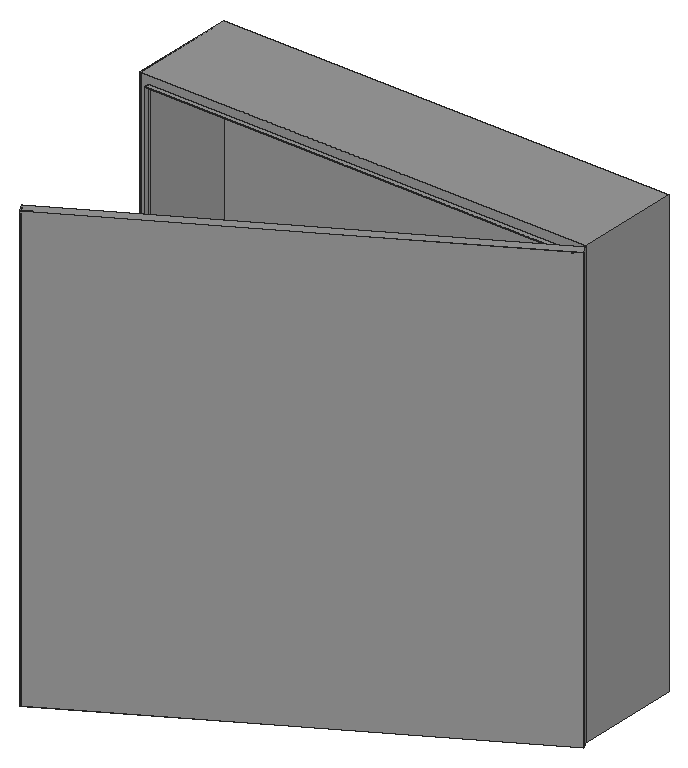
Revit family "Hager-Univers-IP44-D205-H800-Cl.II-Encl-NoHosted-DE-de", category Equipement électrique, Revit 2020
Family settings
  Configuration du panneau = Deux colonnes, circuits au sein
  Cote de connecteur circulaire = Utiliser le diamètre
  Type d'élément = Tableau de raccordement
  Basée sur le plan de construction = Oui
  Toujours verticalement = Oui
  Couper avec des vides une fois chargée = Non
  Partagée = Non
  Point de calcul de pièce = Non
Parameters (values of type "Aufputz IP44 B800 H800 T205  - FP53SN2")
  Width Control [instance] = if([EF000008 - Breite] > Min Width, [EF000008 - Breite], Min Width)  # 800 mm
  Commentaires du type = [HG000003 - Bereich]  # "Univers"
  Thickness Door [instance] = if([EF009171 - Materialstärke Tür/Deckel] > 3 mm, 3 mm, [EF009171 - Materialstärke Tür/Deckel])  # 1 mm
  Seal Frame Offset [instance] = 17 mm  # constant formula
  Plinth Visibility [instance] = [HG000027 - Sockelhöhe] > 0 mm  # no
  Min Width [instance] = 100 mm  # constant formula
  Min Depth [instance] = (2 * [EF009170 - Materialstärke Gehäuse]) + 1 mm  # 3 mm
  Min Height [instance] = 100 mm  # constant formula
  Internal Frame Depth [instance] = (Door System Depth * 0.5)  # 9 mm
  Panel Name [instance] = ""  # (empty or 0)
  Model = ""
  HG000027 - Sockelhöhe = 0 mm
  HG000026 - Stehend auf dem Boden = no
  HG000024 - Höhe des unteren Teils = 600 mm
  HG000023 - Gehäuse mit doppeltem Querschnitt = no
  HG000016 - 3D-Türsichtbarkeit [instance] = yes
  HG000015 - Sichtbarkeit der Türöffnung [instance] = no
  HG000014 - Tür rechts [instance] = yes
  HG000013 - Tür links [instance] = not([HG000014 - Tür rechts])  # no
  HG000012 - Türschwenkwinkel [instance] = 30.00°
  HG000010 - Asymmetrische Türen = no
  HG000009 - Doppelflügeligen Tür = no
  HG000006 - Unterputz = no
  HG000004 - Herstellerreferenz = "FP53SN2"
  HG000003 - Bereich = "Univers"
  HG000002 - Mit tür = yes
  Frame Offset Bottom [instance] = 10 mm  # constant formula
  Frame Offset [instance] = 15 mm  # constant formula
  EF015940 - Deckel mit Überdruckentlastung = no
  EF011959 - Schutzart (NEMA) = ""
  EF009554 - Anzahl der Öffnungen für Flanschplatten = 6
  EF009212 - Ausführung Deckel = "EV000116 - geschlossen"
  EF009171 - Materialstärke Tür/Deckel = 1 mm
  EF009170 - Materialstärke Gehäuse = 1 mm
  EF008873 - Nennstrom (In) = 250 A
  EF007800 - Geeignet für Blitzschutz = no
  EF006306 - Mit Schloss = no
  EF006244 - Transparenter Deckel/Tür = no
  EF005474 - Schutzart (IP) = "EV006418 - IP44"
  EF004464 - Art der Tür = "EV002646 - Einzel"
  EF004427 - Anzahl der Module = 180
  EF004293 - Schlagfestigkeit = "EV006815 - IK09"
  EF003532 - Geeignet für Außengebrauch = no
  EF002950 - Breite in Teilungseinheiten = 36
  EF001613 - Funktionserhalt = "EV000494 - ohne"
  EF001596 - Werkstoff des Gehäuses = "EV000179 - Stahl"
  EF001131 - Innentiefe = 130 mm
  EF001088 - Anbaumöglichkeit = yes
  EF000437 - Anzahl der Leitungseinführungen = 6
  EF000339 - Art der Abdeckung = "EV004216 - Tür"
  EF000266 - Anzahl der Reihen = 5
  EF000218 - Einbautiefe = 205 mm
  EF000118 - Mit Montageplatte = no
  EF000116 - RAL-Nummer = "9010"
  EF000049 - Tiefe = 205 mm
  EF000040 - Höhe = 800 mm
  EF000008 - Breite = 800 mm
  EF000007 - Farbe = "EV000202 - weiß"
  EF000003 - Montageart = "EV000384 - Aufputz"
  Door System Leaf Tolerance [instance] = 1.5 mm  # constant formula
  Door System Depth [instance] = 18 mm  # constant formula
  Door Height [instance] = Height Control - [HG000027 - Sockelhöhe]  # 800 mm
  Description = ""
  Default Elevation = 1219.2 mm
  Connector Offset [instance] = Height Control / 2  # 400 mm
  Fabricant = "Hager"  # constant formula
  Height Control [instance] = if([EF000040 - Höhe] > Min Height, [EF000040 - Höhe], Min Height)  # 800 mm
  Depth Control [instance] = if([EF000049 - Tiefe] > Min Depth, [EF000049 - Tiefe], Min Depth)  # 205 mm
  Bottom Top Plate Trim [instance] = 1.5 mm  # constant formula
  Plinth height Ctrl [instance] = if([HG000027 - Sockelhöhe] > 0 mm, [HG000027 - Sockelhöhe], 12 mm)  # 12 mm
Types (5, lengths in mm): name | Width Control | HG000010 - Asymmetrische Türen | HG000009 - Doppelflügeligen Tür | HG000004 - Herstellerreferenz | EF009554 - Anzahl der Öffnungen für Flanschplatten | EF004464 - Art der Tür | EF004427 - Anzahl der Module | EF002950 - Breite in Teilungseinheiten | EF000437 - Anzahl der Leitungseinführungen | EF000339 - Art der Abdeckung | EF000008 - Breite
  Aufputz IP44 B1050 H800 T205  - FP54SN2 | 1050 | no | yes | "FP54SN2" | 8 | "EV003602 - Doppel" | 240 | 48 | 8 | "EV004216 - Tür" | 1050
  Aufputz IP44 B1300 H800 T205  - FP55SN2 | 1300 | yes | yes | "FP55SN2" | 10 | "EV003602 - Doppel" | 300 | 60 | 10 | "EV004216 - Tür" | 1300
  Aufputz IP44 B300 H800 T205  - FP51SN2 | 300 | no | no | "FP51SN2" | 2 | "EV002646 - Einzel" | 60 | 12 | 2 | "EV001012 - Deckel" | 300
  Aufputz IP44 B550 H800 T205  - FP52SN2 | 550 | no | no | "FP52SN2" | 4 | "EV002646 - Einzel" | 120 | 24 | 4 | "EV001012 - Deckel" | 550
  Aufputz IP44 B800 H800 T205  - FP53SN2 | 800 | no | no | "FP53SN2" | 6 | "EV002646 - Einzel" | 180 | 36 | 6 | "EV004216 - Tür" | 800
Reference planes
  plane 1 "Center (Front/Back)": y = 0
  plane 2: z = 0
  plane 3 "Center (Left/Right)": x = 0
  plane 4: y = 0
  plane 5: y = 0
  plane 6: z = 0
  plane 7: x = -400
  plane 8: x = 400
  plane 9: x = 399
  plane 10: x = -399
  plane 11: z = 0
  plane 12: z = 1
  plane 13: y = -205
  plane 14: y = -1
  plane 15: x = 0
  plane 16: y = -187
  plane 17: y = -204
  plane 18: y = -186
  plane 19: x = -384
  plane 20: x = 384
  plane 21: z = 11
  plane 22: x = -383
  plane 23: x = 383
  plane 24: z = 0
  plane 25: z = 800
  plane 26: z = 800
  plane 27: z = 784
  plane 28: z = 799
Forms (mm)
  Extrusion 1, solid, material "Hager_Steel_RAL7035_Light_Grey", detail levels medium+fine
    sketch origin (-208.679, -4572, 0) x (-1, 0, 0) y (0, -1, 0)
      loop
        line (191.321, -4385) -> (-608.679, -4385) -> (-608.679, -4572) -> (191.321, -4572) -> (191.321, -4385)
    from 0 to 800
  Extrusion 2, void
    sketch origin (-350.771, -205, 1219.2) x (1, 0, 0) y (0, 0, 1)
      loop
        line (-48.229, -420.2) -> (-48.229, -1218.2) -> (749.771, -1218.2) -> (749.771, -420.2) -> (-48.229, -420.2)
    from -19 to -204
  Extrusion 3, void
    sketch origin (-290.084, -187, 1219.2) x (1, 0, 0) y (0, 0, 1)
      loop
        line (-93.916, -1208.2) -> (674.084, -1208.2) -> (674.084, -435.2) -> (-93.916, -435.2) -> (-93.916, -1208.2)
    from 0 to -1
  Extrusion 4, solid, material "Hager_Steel_RAL7035_Light_Grey", visible <- "Plinth Visibility", detail levels medium+fine
    sketch origin (0, 0, 0) x (1, 0, 0) y (0, 1, 0)
      loop
        line (-400, 0) -> (-400, -187) -> (400, -187) -> (400, 0) -> (-400, 0)
    from 0 to 12 <- "Plinth height Ctrl"
  Extrusion 5, solid, material "Hager_Steel_RAL7035_Light_Grey", detail levels coarse
    sketch origin (0, 0, 0) x (1, 0, 0) y (0, 1, 0)
      loop
        line (-400, 0) -> (-400, -205) -> (400, -205) -> (400, 0) -> (-400, 0)
    from 0 to 800 <- "Height Control"
  Sweep 6, void
    path in 3D
      loop
        line (-400, -187, 12) -> (400, -187, 12) -> (400, 0, 12) -> (-400, 0, 12) -> (-400, -187, 12)
    profile origin (-400, -93.5, 12) x (1, 0, 0) y (0, 0, 1)
      loop
        line (0, 0) -> (0, -1.5) -> (1.5, -1.5)
        arc (1.5, -1.5) -> (1.061, -0.439) -> (0, 0) r 1.5
  Extrusion 7, solid, material "Hager_Steel_RAL7035_Light_Grey", detail levels fine
    sketch origin (-400, -187, 0) x (1, 0, 0) y (0, 0, 1)
      loop
        line (16, 11) -> (784, 11) -> (784, 784) -> (16, 784) -> (16, 11)
      loop
        line (15, 10) -> (785, 10) -> (785, 785) -> (15, 785) -> (15, 10)
    from 0 to 9 <- "Internal Frame Depth"
Cuts and joins
  Extrusion 2, Extrusion 3 cuts Extrusion 1
  Sweep 6 cuts Extrusion 4
Lines and regions (mm)
  Masking region 1
    outline origin (0, 0, 0) x (1, 0, 0) y (0, 1, 0)
      loop
        line (-400, 0) -> (-400, -205) -> (400, -205) -> (400, 0) -> (-400, 0)
  Masking region 2, detail levels coarse
    outline origin (-290.084, -187, 1219.2) x (-1, 0, 0) y (0, 0, 1)
      loop
        line (-690.084, -1219.2) -> (109.916, -1219.2) -> (109.916, -419.2) -> (-690.084, -419.2) -> (-690.084, -1219.2)
  Masking region 3, detail levels coarse
    outline origin (0, 0, 0) x (0, 1, 0) y (0, 0, 1)
      loop
        line (0, 0) -> (0, 800) -> (-205, 800) -> (-205, 0) -> (0, 0)
  Masking region 4, visible <- "Plinth Visibility", detail levels medium+fine
    outline origin (0, 0, 0) x (0, 1, 0) y (0, 0, 1)
      loop
        line (-1.5, 12) -> (-185.5, 12)
        arc (-185.5, 12) -> (-185.939, 10.939) -> (-187, 10.5) r 1.5
        line (-187, 10.5) -> (-187, 0) -> (0, 0) -> (0, 10.5)
        arc (0, 10.5) -> (-1.061, 10.939) -> (-1.5, 12) r 1.5
  Masking region 5, detail levels medium+fine
    outline origin (0, 0, 594.038) x (0, 1, 0) y (0, 0, 1)
      loop
        line (0, -594.038) -> (0, 205.962) -> (-187, 205.962) -> (-187, -594.038) -> (0, -594.038)
  Masking region 6, detail levels medium+fine
    outline origin (-359.7, -187, 1211.883) x (-1, 0, 0) y (0, 0, 1)
      loop
        line (-759.7, -1211.883) -> (40.3, -1211.883) -> (40.3, -411.883) -> (-759.7, -411.883) -> (-759.7, -1211.883)
  Masking region 7, visible <- "Plinth Visibility", detail levels medium+fine
    outline origin (-320.334, -187, 1041.368) x (-1, 0, 0) y (0, 0, 1)
      loop
        line (-720.334, -1041.368) -> (79.666, -1041.368) -> (79.666, -1030.868)
        arc (79.666, -1030.868) -> (78.606, -1030.429) -> (78.166, -1029.368) r 1.5
        line (78.166, -1029.368) -> (-718.834, -1029.368)
        arc (-718.834, -1029.368) -> (-719.273, -1030.429) -> (-720.334, -1030.868) r 1.5
        line (-720.334, -1030.868) -> (-720.334, -1041.368)
  sketch lines
    curve 1: line (-400, 0, 12) -> (-400, -187, 12)
    curve 2: line (-400, -187, 12) -> (400, -187, 12)
    curve 3: line (400, 0, 12) -> (-400, 0, 12)
    curve 4: line (400, -187, 12) -> (400, 0, 12)
Dimensions and locks
  locked: plane 1 "Center (Front/Back)" to plane 5
  "EF009170 - Materialstärke Gehäuse": plane 7 to plane 10
  "EF009170 - Materialstärke Gehäuse": plane 8 to plane 9
  equal spacing: plane 7, plane 3 "Center (Left/Right)", plane 8
  "Width Control": plane 7 to plane 8
  "Depth Control": plane 4 to plane 13
  "EF009170 - Materialstärke Gehäuse": plane 4 to plane 14
  "Height Control": plane 25 to level
  "HG000027 - Sockelhöhe": plane 11 to level
  "EF009170 - Materialstärke Gehäuse": plane 12 to plane 11
  "EF009170 - Materialstärke Gehäuse": plane 17 to plane 13
  "EF009170 - Materialstärke Gehäuse": plane 18 to plane 16
  "Frame Offset Bottom": plane 21 to plane 12
  "Frame Offset": plane 10 to plane 19
  "Frame Offset": plane 9 to plane 20
  "Door System Depth": plane 16 to plane 13
  "Seal Frame Offset": plane 7 to plane 22
  "Seal Frame Offset": plane 8 to plane 23
  "EF009170 - Materialstärke Gehäuse": plane 26 to plane 28
  "Frame Offset": plane 28 to plane 27
  "Connector Offset": plane 2 to connector elem
  "Bottom Top Plate Trim": profile plane to Sweep 6 sketch curve
  "Bottom Top Plate Trim": Sweep 6 sketch curve to Sweep 6 sketch curve
  "Plinth height Ctrl": Masking region 4 sketch curve to level
  "Plinth height Ctrl": Masking region 7 sketch curve to level
  "Thickness Door": Extrusion 7 sketch curve to Extrusion 7 sketch curve  (x4)
  "Bottom Top Plate Trim": radius of Sweep 6 sketch curve
  "Bottom Top Plate Trim": radius of Masking region 4 sketch curve  (x2)
  "Bottom Top Plate Trim": radius of Masking region 7 sketch curve  (x2)
  aligned and locked: Extrusion 2 sketch curve to plane 12
  aligned and locked: Extrusion 2 sketch curve to plane 9
  aligned and locked: Extrusion 2 sketch curve to plane 10
  aligned and locked: Extrusion 2 to plane 14
  aligned and locked: Extrusion 1 sketch curve to plane 4
  aligned and locked: plane 8 to Extrusion 1 sketch curve
  aligned and locked: plane 7 to Extrusion 1 sketch curve
  aligned and locked: Extrusion 2 to plane 18
  aligned and locked: Extrusion 3 sketch curve to plane 19
  aligned and locked: plane 20 to Extrusion 3 sketch curve
  aligned and locked: Extrusion 3 to Extrusion 2
  aligned and locked: Extrusion 3 sketch curve to plane 21
  aligned and locked: plane 3 "Center (Left/Right)" to nested 1
  aligned and locked: Extrusion 1 sketch curve to plane 16
  aligned and locked: Extrusion 4 sketch curve to cut or joined group of Extrusion 1, Extrusion 2, Extrusion 3
  aligned and locked: Masking region 1 sketch curve to plane 7
  aligned and locked: Masking region 1 sketch curve to plane 5
  aligned and locked: Masking region 1 sketch curve to plane 8
  aligned and locked: Masking region 2 sketch curve to level
  aligned and locked: level to Masking region 3 sketch curve
  aligned and locked: plane 1 "Center (Front/Back)" to Masking region 3 sketch curve
  aligned and locked: plane 13 to Masking region 3 sketch curve
  aligned and locked: plane 5 to Masking region 4 sketch curve
  aligned and locked: Masking region 2 sketch curve to plane 8
  aligned and locked: Masking region 2 sketch curve to plane 7
  aligned and locked: plane 7 to nested 2
  aligned and locked: nested 2 to plane 5
  aligned and locked: plane 5 to Masking region 5 sketch curve
  aligned and locked: plane 26 to Masking region 5 sketch curve
  aligned and locked: Extrusion 5 sketch curve to plane 8
  aligned and locked: Extrusion 5 sketch curve to plane 7
  aligned and locked: Extrusion 5 sketch curve to plane 5
  aligned and locked: Extrusion 3 sketch curve to plane 27
  aligned and locked: Extrusion 2 sketch curve to plane 28
  aligned and locked: Masking region 2 to plane 25
  aligned and locked: Extrusion 4 to plane 16
  aligned and locked: profile plane to Sweep 6 sketch curve
  aligned and locked: Masking region 5 sketch curve to plane 24
  aligned and locked: level to Masking region 4 sketch curve
  aligned and locked: Masking region 1 to plane 13
  aligned and locked: nested 1 to plane 16
  aligned and locked: Masking region 3 to plane 25
  aligned and locked: plane 16 to Masking region 4 sketch curve
  aligned and locked: Masking region 5 sketch curve to plane 16
  aligned and locked: plane 24 to plane 11
  aligned and locked: plane 26 to plane 25
  aligned and locked: plane 26 to cut or joined group of Extrusion 1, Extrusion 2, Extrusion 3
  aligned and locked: nested 1 to plane 24
  aligned and locked: Extrusion 1 to Extrusion 3
  aligned and locked: Masking region 6 sketch curve to plane 8
  aligned and locked: Masking region 6 sketch curve to plane 24
  aligned and locked: Masking region 6 sketch curve to plane 7
  aligned and locked: Masking region 6 sketch curve to plane 26
  aligned and locked: Masking region 7 sketch curve to plane 7
  aligned and locked: level to Masking region 7 sketch curve
  aligned and locked: Masking region 7 sketch curve to plane 8
  aligned and locked: Extrusion 7 sketch curve to cut or joined group of Extrusion 1, Extrusion 2, Extrusion 3  (x4)
Automatic sketch dimensions
  plane 19 to Extrusion 3 sketch curve = 0 mm
  Extrusion 3 sketch curve to plane 20 = 0 mm
  Extrusion 3 sketch curve to plane 21 = 0 mm
  Extrusion 4 sketch curve to plane 7 = 0 mm
  Extrusion 4 sketch curve to plane 8 = 0 mm
  Extrusion 4 sketch curve to plane 16 = 0 mm
  Masking region 1 sketch curve to plane 13 = 0 mm
  Masking region 2 sketch curve to plane 25 = 0 mm
  Masking region 3 sketch curve to plane 25 = 0 mm
  Extrusion 5 sketch curve to plane 13 = 0 mm
  profile plane to Sweep 6 sketch curve = 0 mm
Nested families
  nested 1: "EC000058_Univers_Door" at (0, -187, 0), Double <- "HG000009 - Doppelflügeligen Tür", Transparent <- "EF006244 - Transparenter Deckel/Tür", Angle <- "HG000012 - Türschwenkwinkel", Door_Right <- "HG000014 - Tür rechts", Assymetrical <- "HG000010 - Asymmetrische Türen", Door <- "HG000002 - Mit tür", Width_Ctrl <- "Width Control", 3d_Door <- "HG000016 - 3D-Türsichtbarkeit", Clearance <- "HG000015 - Sichtbarkeit der Türöffnung", Door_Left <- "HG000013 - Tür links", Width <- "Width Control", Door_Depth <- "Door System Depth", Leaf_Tolerance <- "Door System Leaf Tolerance", Height <- "Door Height", Lock_Visibility <- "EF006306 - Mit Schloss", Thickness <- "Thickness Door", type "EC000058_Univers_Door", detail levels medium+fine
    with min_wh 3 mm, Width_Ctrl 800 mm, Width 800 mm, Transparent no, Thickness 1 mm, Seal_Material Hager_Rubber, Lock_Visibility no, Lock_Material Hager_Plastic_RAL9005_Jet_Black, Leaf_Width 800 mm, Leaf_Tolerance_External_Sides 0 mm, Leaf_Tolerance 1.5 mm, Leaf_Offset 0 mm, Leaf_Height 797 mm, Leaf_2_Width 800 mm, Leaf_2_Offset 400 mm, Leaf_1_Width 800 mm, Leaf_1_Offset 400 mm, Height_Ctrl 800 mm, Height 800 mm, Glass_Material Hager_Glass, Double_Clearance_Ctrl no, Double no, Door_Right_Ctrl yes, Door_Right yes, Door_Material Hager_Steel_RAL7035_Light_Grey, Door_Left_Ctrl no, Door_Left no, Door_Depth 18 mm, Door yes, Clearance_Material Hager_Clearance, Clearance_Depth 800 mm, Clearance_Ctrl no, Clearance no, Assymetrical no, Angle 30.00°, 3d_Door yes
  nested 2: "Hager_Enclosure_Symbol" at (-400, 0, 0), Height <- "Depth Control", Width <- "Width Control", type "Hager_Enclosure_Symbol"
    with Width_Ctrl 800 mm, Width 800 mm, Height_Ctrl 205 mm, Height 205 mm, A_Width_Int 13.453 mm, A_Width 161.438 mm, A_Height_Ctrl 179.375 mm, A_Height 179.375 mm
Connectors
  electrical at (0, 0, 400)
    settings: on plane 1 "Center (Front/Back)", index 1, voltage 0 V, apparent load 0 VA, apparent load phase1 0 VA, apparent load phase2 0 VA, apparent load phase3 0 VA, power factor 1, load classification "Other", number of poles 1, system type 30, power factor state 1, is connector primary yes, connector utility no, sub classification motor no, connector description ""
Definition of nested family "EC000058_Univers_Door"
  Parameters (values of type "EC000058_Univers_Door")
    min_wh [instance] = (2 * Thickness) + 1 mm  # 11 mm
    Width_Ctrl [instance] = 400 mm
    Width [instance] = 500 mm
    Transparent [instance] = yes
    Thickness [instance] = 5 mm
    Seal_Material [instance] = none
    Lock_Visibility [instance] = yes
    Lock_Material [instance] = none
    Leaf_Width [instance] = if((Width_Ctrl - 2 * Leaf_Tolerance_External_Sides) > 0 mm, (Width_Ctrl - 2 * Leaf_Tolerance_External_Sides), min_wh)  # 400 mm
    Leaf_Tolerance_External_Sides [instance] = 0 mm  # constant formula
    Leaf_Tolerance [instance] = 1.5 mm
    Leaf_Offset [instance] = 0 mm  # constant formula
    Leaf_Height [instance] = if((Height_Ctrl - 2 * Leaf_Tolerance) > 0 mm, (Height_Ctrl - 2 * Leaf_Tolerance), min_wh)  # 497 mm
    Leaf_2_Width [instance] = if(and(and(Double, Assymetrical), Door_Left), (Leaf_Width / 3) - (Leaf_Tolerance / 2), if(and(and(Double, Assymetrical), Door_Right), (Leaf_Width / 3) * 2 - (Leaf_Tolerance / 2), if(and(Double, not(Assymetrical)), (Leaf_Width / 2) - Leaf_Tolerance, Leaf_Width)))  # 400 mm
    Leaf_2_Offset [instance] = if(and(Double, Assymetrical), Leaf_2_Width / 2, if(and(Double, not(Assymetrical)), Leaf_Width / 4, Leaf_Width / 2))  # 200 mm
    Leaf_1_Width [instance] = if(and(and(Double, Assymetrical), Door_Right), (Leaf_Width / 3) - (Leaf_Tolerance / 2), if(and(and(Double, Assymetrical), Door_Left), (Width / 3) * 2 - (Leaf_Tolerance / 2), if(and(Double, not(Assymetrical)), (Leaf_Width / 2) - Leaf_Tolerance, Leaf_Width)))  # 400 mm
    Leaf_1_Offset [instance] = if(and(Double, Assymetrical), Leaf_1_Width / 2, if(and(Double, not(Assymetrical)), Leaf_Width / 4, Leaf_Width / 2))  # 200 mm
    Height_Ctrl [instance] = if(Height > min_wh, Height, min_wh)  # 500 mm
    Height [instance] = 500 mm
    Glass_Material [instance] = none
    Double_Clearance_Ctrl [instance] = and(Double, Clearance)  # no
    Double [instance] = no
    Door_Right_Ctrl [instance] = and(or(Door_Right, Double), Door)  # yes
    Door_Right [instance] = yes
    Door_Material [instance] = none
    Door_Left_Ctrl [instance] = and(or(Door_Left, Double), Door)  # no
    Door_Left [instance] = no
    Door_Depth [instance] = 30 mm
    Door [instance] = yes
    Default Elevation = 1219.2 mm
    Clearance_Material [instance] = none
    Clearance_Depth [instance] = if(Leaf_1_Width > Leaf_2_Width, Leaf_1_Width, Leaf_2_Width)  # 400 mm
    Clearance_Ctrl [instance] = and(not(Double), Clearance)  # yes
    Clearance [instance] = yes
    Assymetrical [instance] = yes
    Angle [instance] = 30.00°
    3d_Door [instance] = yes
  Reference planes
    plane 1 "Center (Front/Back)": y = 0
    plane 2 "Bottom": z = 0
    plane 3 "Center (Left/Right)": x = 0
    plane 4: z = 500
    plane 5: x = -200
    plane 6: x = 200
    plane 7: z = 500
    plane 8: x = -200
    plane 9: z = 0
    plane 10: x = 200
    plane 11: y = 0
    plane 12: z = 1.5
    plane 13: x = -600
    plane 14: y = -400
    plane 15: x = 600
    plane 16: x = 0
    plane 17: x = 0
    plane 18: x = -200
    plane 19: x = 200
    plane 20: z = 498.5
  Forms (mm)
    Extrusion 1, solid, material <- "Clearance_Material", visible <- "Double_Clearance_Ctrl"
      sketch origin (1200, 0, 0) x (1, 0, 0) y (0, 0, -1)
        loop
          line (-1800, -498.5) -> (-600, -498.5) -> (-600, 0) -> (-1800, 0) -> (-1800, -498.5)
      from 0 to -400
  Dimensions and locks
    equal spacing: plane 5, plane 3 "Center (Left/Right)", plane 6
    "Width_Ctrl": plane 5 to plane 6
    "Leaf_Offset": plane 5 to plane 8
    "Leaf_Offset": plane 6 to plane 10
    "Leaf_Offset": plane 9 to level
    "Leaf_Offset": plane 4 to plane 7
    "Height_Ctrl": plane 4 to level
    "Leaf_Tolerance": plane 12 to plane 9
    locked: plane 11 to plane 1 "Center (Front/Back)"
    "Leaf_1_Offset": plane 18 to plane 16
    "Leaf_2_Offset": plane 17 to plane 19
    "Leaf_1_Width": plane 13 to plane 8
    "Leaf_2_Width": plane 10 to plane 15
    "Clearance_Depth": plane 14 to plane 1 "Center (Front/Back)"
    "Leaf_Tolerance_External_Sides": plane 8 to plane 18
    "Leaf_Tolerance_External_Sides": plane 19 to plane 10
    "Leaf_Tolerance": plane 7 to plane 20
    aligned and locked: level to plane 2 "Bottom"
    aligned and locked: nested 1 to plane 16
    aligned and locked: nested 2 to plane 17
    aligned and locked: Extrusion 1 to plane 13
    aligned and locked: plane 15 to Extrusion 1
    aligned and locked: Extrusion 1 to plane 14
    aligned and locked: plane 12 to nested 1
    aligned and locked: nested 2 to plane 12
    aligned and locked: Extrusion 1 to plane 11
    aligned and locked: plane 20 to Extrusion 1
    aligned and locked: nested 2 to plane 11
    aligned and locked: nested 1 to plane 11
  Automatic sketch dimensions
    Extrusion 1 sketch curve to level = 0 mm
    plane 5 to Extrusion 1 sketch curve = 400 mm
    plane 6 to Extrusion 1 sketch curve = 400 mm
    Extrusion 1 sketch curve to plane 4 = 1.5 mm
  Nested families
    nested 1: "EC000058_Univers_Door_Leaf" at (0, 0, 1.5), Width <- "Leaf_1_Width", visible <- "Door_Left_Ctrl", Leaf_Height <- "Leaf_Height", Angle <- "Angle", 3d_Door <- "3d_Door", Transparent <- "Transparent", Clearance Material <- "Clearance_Material", Clearance <- "Clearance_Ctrl", Door_Material <- "Door_Material", Glass_Material <- "Glass_Material", Door_Depth <- "Door_Depth", Lock_Material <- "Lock_Material", Seal_Material <- "Seal_Material", Lock_Visibility <- "Lock_Visibility", Thickness <- "Thickness", type "EC000058_Univers_Door_Leaf"
      with Width 400 mm, Transparent_Glass_Offset 30 mm, Transparent_Ctrl yes, Transparent yes, Thickness 5 mm, Standard no, Seal_Material none, Seal_D2 8 mm, Seal_D1 1 mm, Offset_Internal_Frame 10 mm, Lock_Width 20 mm, Lock_Visibility_3d yes, Lock_Visibility yes, Lock_Thickness_3 3 mm, Lock_Thickness_2 1 mm, Lock_Thickness_1 3 mm, Lock_Radius_Offset_2 16 mm, Lock_Radius_Offset_1 15 mm, Lock_Radius_2 5 mm, Lock_Radius 6 mm, Lock_Offset 5 mm, Lock_Material none, Lock_Height 80 mm, Lock_Cover_Top_Offset_2d 17 mm, Lock_Cover_Height -65 mm, Leaf_Height 497 mm, Internal_Seal_Thickness 8 mm, Internal_Seal_Depth_2 4.5 mm, Internal_Frame_Depth 25 mm, Glass_Thickness -1 mm, Glass_Offset -2 mm, Glass_Material none, Door_Material none, Door_Depth 30 mm, Clearance Material none, Clearance yes, Angle_Ctrl 30.00°, Angle 30.00°, 3d_Door yes
    nested 2: "EC000058_Univers_Door_Leaf" at (0, 0, 1.5) x (-1, 0, 0) z (0, 0, 1), Width <- "Leaf_2_Width", visible <- "Door_Right_Ctrl", Leaf_Height <- "Leaf_Height", Angle <- "Angle", 3d_Door <- "3d_Door", Transparent <- "Transparent", Clearance Material <- "Clearance_Material", Clearance <- "Clearance_Ctrl", Door_Material <- "Door_Material", Glass_Material <- "Glass_Material", Door_Depth <- "Door_Depth", Lock_Material <- "Lock_Material", Seal_Material <- "Seal_Material", Lock_Visibility <- "Lock_Visibility", Thickness <- "Thickness", type "EC000058_Univers_Door_Leaf"
      with Width 400 mm, Transparent_Glass_Offset 30 mm, Transparent_Ctrl yes, Transparent yes, Thickness 5 mm, Standard no, Seal_Material none, Seal_D2 8 mm, Seal_D1 1 mm, Offset_Internal_Frame 10 mm, Lock_Width 20 mm, Lock_Visibility_3d yes, Lock_Visibility yes, Lock_Thickness_3 3 mm, Lock_Thickness_2 1 mm, Lock_Thickness_1 3 mm, Lock_Radius_Offset_2 16 mm, Lock_Radius_Offset_1 15 mm, Lock_Radius_2 5 mm, Lock_Radius 6 mm, Lock_Offset 5 mm, Lock_Material none, Lock_Height 80 mm, Lock_Cover_Top_Offset_2d 17 mm, Lock_Cover_Height -65 mm, Leaf_Height 497 mm, Internal_Seal_Thickness 8 mm, Internal_Seal_Depth_2 4.5 mm, Internal_Frame_Depth 25 mm, Glass_Thickness -1 mm, Glass_Offset -2 mm, Glass_Material none, Door_Material none, Door_Depth 30 mm, Clearance Material none, Clearance yes, Angle_Ctrl 30.00°, Angle 30.00°, 3d_Door yes
  Definition of nested family "EC000058_Univers_Door_Leaf"
    Parameters (values of type "EC000058_Univers_Door_Leaf")
      Width [instance] = 2000 mm
      Transparent_Glass_Offset [instance] = 30 mm
      Transparent_Ctrl [instance] = and(Transparent, [3d_Door])  # yes
      Transparent [instance] = yes
      Thickness [instance] = 5 mm
      Standard [instance] = and(not(Transparent), [3d_Door])  # no
      Seal_Material [instance] = none
      Seal_D2 [instance] = 8 mm  # constant formula
      Seal_D1 [instance] = 1 mm  # constant formula
      Offset_Internal_Frame [instance] = 10 mm  # constant formula
      Lock_Width [instance] = 20 mm  # constant formula
      Lock_Visibility_3d [instance] = and(Lock_Visibility, [3d_Door])  # yes
      Lock_Visibility [instance] = yes
      Lock_Thickness_3 [instance] = 3 mm  # constant formula
      Lock_Thickness_2 [instance] = 1 mm  # constant formula
      Lock_Thickness_1 [instance] = 3 mm  # constant formula
      Lock_Radius_Offset_2 [instance] = Lock_Radius_Offset_1 + 1 mm  # 16 mm
      Lock_Radius_Offset_1 [instance] = 15 mm  # constant formula
      Lock_Radius_2 [instance] = Lock_Radius - 1 mm  # 5 mm
      Lock_Radius [instance] = 6 mm  # constant formula
      Lock_Offset [instance] = 5 mm  # constant formula
      Lock_Material [instance] = none
      Lock_Height [instance] = 80 mm  # constant formula
      Lock_Cover_Top_Offset_2d [instance] = Lock_Radius_Offset_2 + 1 mm  # 17 mm
      Lock_Cover_Height [instance] = -(Lock_Height - Lock_Radius_Offset_1)  # -65 mm
      Leaf_Height [instance] = 2720.336 mm
      Internal_Seal_Thickness [instance] = 8 mm  # constant formula
      Internal_Seal_Depth_2 [instance] = 4.5 mm  # constant formula
      Internal_Frame_Depth [instance] = if(Door_Depth - Thickness > 5 mm, Door_Depth - Thickness, 5 mm)  # 25 mm
      Glass_Thickness [instance] = if(Thickness > 15 mm, Glass_Offset + 10 mm, -1 mm)  # -1 mm
      Glass_Offset [instance] = if(Thickness > 15 mm, -(Thickness + 10 mm) / 2, -2 mm)  # -2 mm
      Glass_Material [instance] = none
      Door_Material [instance] = none
      Door_Depth [instance] = 30 mm
      Default Elevation = 0 mm
      Clearance Material [instance] = none
      Clearance [instance] = yes
      Angle_Ctrl [instance] = if(Angle > 180.00°, 180.00°, Angle)  # 90.00°
      Angle [instance] = 90.00°
      3d_Door [instance] = yes
    Reference planes
      plane 1 "Center (Front/Back)": y = 0
      plane 2: z = 0
      plane 3 "Center (Left/Right)": x = 0
      plane 4: y = 2000
      plane 5: x = -1000
      plane 6: x = 1000
      plane 7: x = -3000
      plane 8: z = 2720.336
      plane 9: z = 30
      plane 10: z = 2690.336
      plane 11: x = 970
      plane 12: x = -970
      plane 13: y = -3
      plane 14: z = 107.833
      plane 15: y = -5
      plane 16: y = -223.314
      plane 17: x = -1000
      plane 18: z = 1360.168
      plane 19: y = 30
    Forms (mm)
      Extrusion 1, solid, material <- "Clearance Material", visible <- "Clearance"
        sketch origin (0, 0, 0) x (1, 0, 0) y (0, 0, 1)
          loop
            line (-3000, 2720.336) -> (-3000, 0) -> (1000, 0) -> (1000, 2720.336) -> (-3000, 2720.336)
        from 0 to -2000
      Extrusion 2, solid, material <- "Door_Material", visible <- "Standard", detail levels medium+fine
        sketch origin (-1000, 0, 0) x (0, 1, 0) y (-1, 0, 0)
          loop
            line (0, 30) -> (0, 25) -> (2000, 25) -> (2000, 30) -> (0, 30)
        from 0 to 2720.336 <- "Leaf_Height"
      Extrusion 3, solid, material <- "Door_Material", visible <- "Transparent_Ctrl", detail levels medium+fine
        sketch origin (-1000, 0, 0) x (0, 1, 0) y (-1, 0, 0)
          loop
            line (0, 25) -> (2000, 25) -> (2000, 30) -> (0, 30) -> (0, 25)
        from 0 to 2720.336 <- "Leaf_Height"
      Extrusion 4, void
        sketch origin (-1025, 2000, 0) x (0, 1, 0) y (0, 0, -1)
          loop
            line (-30, -2690.336) -> (-30, -30) -> (-1970, -30) -> (-1970, -2690.336) -> (-30, -2690.336)
        from 0 to 5 <- "Thickness"
      Sweep 5, solid, material <- "Seal_Material", visible <- "Transparent_Ctrl", detail levels fine
        path in 3D
          loop
            line (-1025, 30, 30) -> (-1025, 30, 2690.336) -> (-1025, 1970, 2690.336) -> (-1025, 1970, 30) -> (-1025, 30, 30)
        profile origin (-1025, 1000, 30) x (1, 0, 0) y (0, 0, 1)
          loop
            line (0, 0) -> (0, -8) -> (1, -8) -> (1, 0) -> (0, 0)
      Extrusion 6, solid, material <- "Glass_Material", visible <- "Transparent_Ctrl", detail levels medium+fine
        sketch origin (-1030, 0, 0) x (0, 1, 0) y (0, 0, -1)
          loop
            line (1970, -2690.336) -> (1970, -30) -> (30, -30) -> (30, -2690.336) -> (1970, -2690.336)
        from -2 <- "Glass_Offset" to -1 <- "Glass_Thickness"
      Extrusion 7, solid, material <- "Door_Material", visible <- "3d_Door", detail levels medium+fine
        sketch origin (-1025, 2000, 0) x (0, -1, 0) y (0, 0, -1)
          loop
            line (0, -2720.336) -> (2000, -2720.336) -> (2000, 0) -> (0, 0) -> (0, -2720.336)
          loop
            line (1995, -5) -> (5, -5) -> (5, -2715.336) -> (1995, -2715.336) -> (1995, -5)
        from 0 to 25 <- "Internal_Frame_Depth"
      Sweep 8, solid, material <- "Seal_Material", visible <- "Transparent_Ctrl", detail levels fine
        path in 3D
          loop
            line (-1025, 0, 0) -> (-1025, 2000, 0) -> (-1025, 2000, 2720.336) -> (-1025, 0, 2720.336) -> (-1025, 0, 0)
        profile origin (-1025, 0, 1360.168) x (1, 0, 0) y (0, 1, 0)
          loop
            line (0, 10) -> (2.975, 10)
            arc (2.975, 10) -> (4.053, 10.447) -> (4.5, 11.525) r 1.525
            line (4.5, 11.525) -> (4.5, 16.527)
            arc (4.5, 16.527) -> (4.069, 17.569) -> (3.027, 18) r 1.473
            line (3.027, 18) -> (0, 18) -> (0, 10)
      Extrusion 9, solid, material <- "Lock_Material", visible <- "Lock_Visibility_3d", detail levels fine
        sketch origin (-1030, 0, 0) x (0, 1, 0) y (0, 0, -1)
          loop
            arc (1993.5, -1400.168) -> (1994.561, -1399.729) -> (1995, -1398.668) r 1.5
            line (1995, -1398.668) -> (1995, -1320.168) -> (1975, -1320.168) -> (1975, -1398.668)
            arc (1975, -1398.668) -> (1975.439, -1399.729) -> (1976.5, -1400.168) r 1.5
            line (1976.5, -1400.168) -> (1993.5, -1400.168)
        from 3 <- "Lock_Thickness_1" to 0
      Blend 10, solid, material <- "Lock_Material", visible <- "Lock_Visibility_3d", detail levels fine
        base sketch origin (-1033, 0, 0) x (0, 1, 0) y (0, 0, -1)
          loop
            line (1975, -1320.168) -> (1975, -1398.668)
            arc (1975, -1398.668) -> (1975.439, -1399.729) -> (1976.5, -1400.168) r 1.5
            line (1976.5, -1400.168) -> (1993.5, -1400.168)
            arc (1993.5, -1400.168) -> (1994.561, -1399.729) -> (1995, -1398.668) r 1.5
            line (1995, -1398.668) -> (1995, -1320.168) -> (1975, -1320.168)
        top sketch origin (-1033, 0, 0) x (0, 1, 0) y (0, 0, -1)
          loop
            line (1976, -1320.168) -> (1976, -1398.668)
            arc (1976, -1398.668) -> (1976.146, -1399.022) -> (1976.5, -1399.168) r 0.5
            line (1976.5, -1399.168) -> (1993.5, -1399.168)
            arc (1993.5, -1399.168) -> (1993.854, -1399.022) -> (1994, -1398.668) r 0.5
            line (1994, -1398.668) -> (1994, -1320.168) -> (1976, -1320.168)
        from 0 to 1 <- "Lock_Thickness_2"
      Blend 11, solid, material <- "Lock_Material", visible <- "Lock_Visibility_3d", detail levels fine
        base sketch origin (-1034, 0, 0) x (0, 1, 0) y (0, 0, -1)
          loop
            line (1978, -1320.168) -> (1978, -1384.168)
            arc (1978, -1384.168) -> (1985, -1391.168) -> (1992, -1384.168) r 7
            line (1992, -1384.168) -> (1992, -1320.168) -> (1978, -1320.168)
        top sketch origin (-1034, 0, 0) x (0, 1, 0) y (0, 0, -1)
          loop
            line (1991, -1320.168) -> (1979, -1320.168) -> (1979, -1383.168)
            arc (1979, -1383.168) -> (1985, -1389.168) -> (1991, -1383.168) r 6
            line (1991, -1383.168) -> (1991, -1320.168)
        from 0 to 3 <- "Lock_Thickness_3"
      Extrusion 12, solid, material <- "Lock_Material", visible <- "Lock_Visibility_3d", detail levels fine
        sketch origin (-1030, 1975, 1320.168) x (1, 0, 0) y (0, -1, 0)
          loop
            line (-7, -19) -> (-7, -1) -> (0, -1) -> (0, 0) -> (-8, 0) -> (-8, -20) -> (0, -20) -> (0, -19) -> (-7, -19)
        from 0 to -65 <- "Lock_Cover_Height"
      Extrusion 13, void
        sketch origin (-1038, 1995, 1320.168) x (-1, 0, 0) y (0, 0, -1)
          loop
            line (-5, -65) -> (0, -65) -> (-5, -60) -> (-5, -65)
        from 0 to 20 <- "Lock_Width"
      Extrusion 14, void
        sketch origin (-1038, 1975, 1320.168) x (0, -1, 0) y (0, 0, -1)
          loop
            circle (-10, -15.995) r 6
          loop
            circle (-10, -15.995) r 5
        from 0 to 2
      Extrusion 15, solid, material <- "Lock_Material", visible <- "Lock_Visibility_3d", detail levels medium
        sketch origin (-1030, 0, 0) x (0, 1, 0) y (0, 0, -1)
          loop
            arc (1993.5, -1400.168) -> (1994.561, -1399.729) -> (1995, -1398.668) r 1.5
            line (1995, -1398.668) -> (1995, -1320.168) -> (1975, -1320.168) -> (1975, -1398.668)
            arc (1975, -1398.668) -> (1975.439, -1399.729) -> (1976.5, -1400.168) r 1.5
            line (1976.5, -1400.168) -> (1993.5, -1400.168)
        from 8 to 0
    Cuts and joins
      Extrusion 4 cuts Extrusion 3
      Extrusion 13, Extrusion 14 cuts Extrusion 9
      Extrusion 14 cuts Blend 11
      Extrusion 13, Extrusion 14 cuts Extrusion 12
      joined: Extrusion 9, Blend 10, Blend 11, Extrusion 12
      Extrusion 14 cuts Extrusion 15
    Lines and regions (mm)
      Masking region 1, visible <- "Lock_Visibility", detail levels fine
        outline origin (0, 0, 0) x (0, 1, 0) y (0, 0, 1)
          loop
            line (30, 1320.168) -> (33, 1320.168) -> (33, 1400.168) -> (30, 1400.168) -> (30, 1320.168)
      Masking region 2, visible <- "Lock_Visibility", detail levels fine
        outline origin (0, 3.143, 0) x (0, 1, 0) y (0, 0, 1)
          loop
            line (29.857, 1354.168) -> (30.857, 1354.168) -> (30.857, 1366.168) -> (29.857, 1366.168) -> (29.857, 1354.168)
      Masking region 3, detail levels medium+fine
        outline origin (0, 0, 0) x (0, 1, 0) y (0, 0, 1)
          loop
            line (0, 0) -> (30, 0) -> (30, 2720.336) -> (0, 2720.336) -> (0, 0)
      Masking region 4, detail levels medium+fine
        outline origin (0, 0, 0) x (1, 0, 0) y (0, 0, 1)
          loop
            line (-1000, 2720.336) -> (-1000, 0) -> (1000, 0) -> (1000, 2720.336) -> (-1000, 2720.336)
      Masking region 5, visible <- "Lock_Visibility", detail levels fine
        outline origin (-47.116, 0, 0) x (1, 0, 0) y (0, 0, 1)
          loop
            arc (1024.616, 1399.168) -> (1023.556, 1398.729) -> (1023.116, 1397.668) r 1.5
            line (1023.116, 1397.668) -> (1023.116, 1320.168) -> (1041.116, 1320.168) -> (1041.116, 1397.668)
            arc (1041.116, 1397.668) -> (1040.677, 1398.729) -> (1039.616, 1399.168) r 1.5
            line (1039.616, 1399.168) -> (1024.616, 1399.168)
      Masking region 6, visible <- "Lock_Visibility", detail levels medium+fine
        outline origin (-25, 0, 0) x (1, 0, 0) y (0, 0, 1)
          loop
            arc (1001.5, 1400.168) -> (1000.439, 1399.729) -> (1000, 1398.668) r 1.5
            line (1000, 1398.668) -> (1000, 1320.168) -> (1020, 1320.168) -> (1020, 1398.668)
            arc (1020, 1398.668) -> (1019.561, 1399.729) -> (1018.5, 1400.168) r 1.5
            line (1018.5, 1400.168) -> (1001.5, 1400.168)
      Masking region 7, visible <- "Lock_Visibility", detail levels fine
        outline origin (-73.735, 0, 0) x (1, 0, 0) y (0, 0, 1)
          loop
            line (1051.735, 1382.168) -> (1065.735, 1382.168) -> (1065.735, 1384.168)
            arc (1065.735, 1384.168) -> (1058.735, 1391.168) -> (1051.735, 1384.168) r 7
            line (1051.735, 1384.168) -> (1051.735, 1382.168)
      Masking region 8, visible <- "Lock_Visibility", detail levels fine
        outline origin (-73.735, 0, 0) x (1, 0, 0) y (0, 0, 1)
          loop
            line (1052.735, 1382.168) -> (1064.735, 1382.168) -> (1064.735, 1383.168)
            arc (1064.735, 1383.168) -> (1058.735, 1389.168) -> (1052.735, 1383.168) r 6
            line (1052.735, 1383.168) -> (1052.735, 1382.168)
      Masking region 9, visible <- "Lock_Visibility", detail levels fine
        outline origin (-25, 0, 0) x (1, 0, 0) y (0, 0, 1)
          loop
            line (1020, 1320.168) -> (1020, 1382.168) -> (1000, 1382.168) -> (1000, 1320.168) -> (1020, 1320.168)
      Masking region 10, detail levels medium+fine
        outline origin (0, 0, 0) x (1, 0, 0) y (0, 0, 1)
          loop
            circle (985, 1335.144) r 6
      Masking region 11, detail levels fine
        outline origin (0, 0, 0) x (1, 0, 0) y (0, 0, 1)
          loop
            circle (985, 1335.144) r 5
      Masking region 12, visible <- "Lock_Visibility", detail levels fine
        outline origin (0, 12.767, 0) x (0, 1, 0) y (0, 0, 1)
          loop
            line (20.233, 1320.168) -> (21.233, 1320.168) -> (21.233, 1399.168) -> (20.233, 1400.168) -> (20.233, 1320.168)
      Masking region 13, visible <- "Lock_Visibility", detail levels fine
        outline origin (0, 13.767, -10) x (0, 1, 0) y (0, 0, 1)
          loop
            line (20.233, 1330.168) -> (23.233, 1330.168) -> (23.233, 1399.168) -> (20.233, 1402.168) -> (20.233, 1330.168)
      Masking region 14, visible <- "Lock_Visibility", detail levels fine
        outline origin (0, 12.767, -10) x (0, 1, 0) y (0, 0, 1)
          loop
            line (20.233, 1330.168) -> (25.233, 1330.168) -> (25.233, 1399.305) -> (20.233, 1394.305) -> (20.233, 1330.168)
      Masking region 15, visible <- "Lock_Visibility", detail levels medium
        outline origin (0, 0, 0) x (0, 1, 0) y (0, 0, 1)
          loop
            line (30, 1320.168) -> (38, 1320.168) -> (38, 1400.168) -> (30, 1400.168) -> (30, 1320.168)
      Masking region 16, visible <- "Lock_Visibility", detail levels fine
        outline origin (-1000, 0, 0) x (0, 1, 0) y (-1, 0, 0)
          loop
            line (1975, 30) -> (1995, 30) -> (1995, 38) -> (1975, 38) -> (1975, 30)
          loop
            line (1979, 37) -> (1976, 37) -> (1976, 34) -> (1978, 34) -> (1979, 37)
          loop
            line (1994, 37) -> (1991, 37) -> (1992, 34) -> (1994, 34) -> (1994, 37)
      Masking region 17, visible <- "Lock_Visibility", detail levels medium
        outline origin (-1000, 0, 0) x (0, 1, 0) y (-1, 0, 0)
          loop
            line (1975, 30) -> (1995, 30) -> (1995, 38) -> (1975, 38) -> (1975, 30)
      symbolic lines
        curve 1: line (1000, 0, 0) -> (-3000, 0, 0)
        curve 2: arc (1000, 0, 0) -> (-1000, 2000, 0) -> (-3000, 0, 0) r 2000
        curve 4: line (-1030, 0, 0) -> (-1030, 2000, 0)
      reference lines
        curve 3: line (-1000, 0, 0) -> (-1000, 2000, 0)
      symbolic lines, detail levels medium+fine
        curve 5: line (-1030, 2000, 0) -> (-1025, 2000, 0)
        curve 7: line (-1025, 0, 0) -> (-1030, 0, 0)
        curve 8: line (-1025, 0, 0) -> (-1000, 0, 0)
        curve 9: line (-1000, 0, 0) -> (-1000, 2000, 0)
        curve 10: line (-1000, 2000, 0) -> (-1025, 2000, 0)
      symbolic lines, detail levels fine
        curve 6: line (-1025, 2000, 0) -> (-1025, 0, 0)
      sketch lines
        curve 11: line (-1025, 0, 2720.336) -> (-1025, 0, 0)
        curve 12: line (-1025, 2000, 0) -> (-1025, 0, 0)
        curve 13: line (-1025, 2000, 2720.336) -> (-1025, 2000, 0)
        curve 14: line (-1025, 0, 2720.336) -> (-1025, 2000, 2720.336)
        curve 15: line (-1025, 1970, 30) -> (-1025, 30, 30)
        curve 16: line (-1025, 30, 30) -> (-1025, 30, 2690.336)
        curve 17: line (-1025, 1970, 2690.336) -> (-1025, 1970, 30)
        curve 18: line (-1025, 30, 2690.336) -> (-1025, 1970, 2690.336)
      symbolic lines, visible <- "Transparent", detail levels medium+fine
        curve 19: line (-970, 0, 2690.336) -> (970, 0, 2690.336)
        curve 20: line (-970, 0, 30) -> (-970, 0, 2690.336)
        curve 21: line (970, 0, 30) -> (-970, 0, 30)
        curve 22: line (970, 0, 2690.336) -> (970, 0, 30)
    Dimensions and locks
      "Width": plane 1 "Center (Front/Back)" to plane 4
      equal spacing: plane 5, plane 3 "Center (Left/Right)", plane 6
      "Width": plane 5 to plane 6
      "Width": plane 7 to plane 5
      "Leaf_Height": plane 8 to level
      "Width": curve 5 to curve 3
      "Width": curve 3 to curve 3
      plane 8 to plane 10 = 30 mm
      plane 9 to level = 30 mm
      plane 12 to plane 5 = 30 mm
      plane 6 to plane 11 = 30 mm
      Extrusion 1 to Extrusion 4 sketch curve = 30 mm
      "Transparent_Glass_Offset": curve 3 to Extrusion 4 sketch curve
      "Transparent_Glass_Offset": Extrusion 4 sketch curve to cut or joined group of Extrusion 3, Extrusion 4  (x2)
      cut or joined group of Extrusion 3, Extrusion 4 to Extrusion 6 sketch curve = 30 mm
      "Transparent_Glass_Offset": cut or joined group of Extrusion 3, Extrusion 4 to Extrusion 4 sketch curve
      "Thickness": curve 6 to curve 4
      "Thickness": Extrusion 7 sketch curve to Extrusion 7 sketch curve  (x4)
      "Door_Depth": curve 4 to curve 3
      "Offset_Internal_Frame": profile plane to Sweep 8 sketch curve
      "Internal_Seal_Thickness": Sweep 8 sketch curve to Sweep 8 sketch curve
      "Internal_Seal_Depth_2": profile plane to Sweep 8 sketch curve
      "Seal_D1": profile plane to Sweep 5 sketch curve
      "Seal_D2": profile plane to Sweep 5 sketch curve
      "Thickness": Extrusion 2 sketch curve to Extrusion 2 sketch curve
      equal spacing: Extrusion 9 sketch curve, plane 18, Extrusion 9 sketch curve  (x2)
      equal spacing: Masking region 1 sketch curve, plane 18, Masking region 1 sketch curve
      "Lock_Height": Masking region 1 sketch curve to Masking region 1 sketch curve
      "Lock_Radius": Masking region 2 sketch curve to plane 18 to Masking region 2 sketch curve
      Masking region 2 sketch curve to Masking region 1 = 1 mm
      "Door_Depth": plane 19 to plane 1 "Center (Front/Back)"
      "Lock_Thickness_1": Masking region 1 sketch curve to plane 19
      "Lock_Width": Extrusion 9 sketch curve to Extrusion 9 sketch curve
      "Lock_Height": Extrusion 9 sketch curve to Extrusion 9 sketch curve
      "Lock_Offset": cut or joined group of Extrusion 3, Extrusion 4 to Extrusion 9 sketch curve
      equal spacing: plane 8, plane 18, level
      "Lock_Radius_Offset_1": Blend 11 sketch curve to Blend 10
      locked: Blend 10 to Blend 11 sketch curve at 2  (x2)
      locked: var sketch to Blend 11 sketch curve at 1  (x2)
      "Lock_Radius_Offset_2": Blend 11 sketch curve to Blend 10
      locked: Extrusion 12 sketch curve to Extrusion 12 sketch curve at 1  (x3)
      Masking region 6 sketch curve to Masking region 6 sketch curve = 80 mm
      "Lock_Height": Masking region 6 sketch curve to Masking region 6 sketch curve
      "Lock_Width": Masking region 6 sketch curve to Masking region 6 sketch curve
      locked: Masking region 6 to Masking region 5 sketch curve at 1  (x3)
      locked: Masking region 5 to Masking region 7 sketch curve at 2  (x2)
      "Lock_Radius_Offset_1": Masking region 5 to Masking region 7 sketch curve
      "Lock_Radius_Offset_2": Masking region 5 to Masking region 8 sketch curve
      locked: Masking region 7 to Masking region 8 sketch curve at 1  (x2)
      "Lock_Cover_Top_Offset_2d": Masking region 5 to Masking region 9 sketch curve
      equal spacing: Masking region 9, Masking region 10 sketch curve, Masking region 9
      equal spacing: Masking region 9, Masking region 11 sketch curve, Masking region 9
      Extrusion 15 sketch curve to Extrusion 15 sketch curve = 80 mm
      "Lock_Width": Extrusion 15 sketch curve to Extrusion 15 sketch curve
      "Lock_Height": Extrusion 15 sketch curve to Extrusion 15 sketch curve
      equal spacing: Extrusion 15 sketch curve, plane 18, Extrusion 15 sketch curve
      "Lock_Thickness_3": Masking region 13 sketch curve to Masking region 13 sketch curve
      "Lock_Height": Masking region 12 sketch curve to Masking region 12 sketch curve
      locked: Masking region 13 sketch curve to Masking region 1 at 8
      locked: Masking region 14 sketch curve to Masking region 13 at 1
      locked: Masking region 14 sketch curve to Masking region 1 at 10.863
      "Lock_Height": Masking region 15 sketch curve to Masking region 15 sketch curve
      "Lock_Offset": Extrusion 15 sketch curve to cut or joined group of Extrusion 3, Extrusion 4
      "Lock_Offset": plane 6 to Masking region 6 sketch curve
      radius of Sweep 8 sketch curve = 1.525 mm
      radius of Sweep 8 sketch curve = 1.473 mm
      radius of Extrusion 9 sketch curve = 1.5 mm  (x2)
      "Lock_Radius": radius of Extrusion 14 sketch curve
      "Lock_Radius_2": radius of Extrusion 14 sketch curve
      "Lock_Radius": radius of Masking region 10 sketch curve
      "Lock_Radius_2": radius of Masking region 11 sketch curve
      radius of Extrusion 15 sketch curve = 1.5 mm  (x2)
      "Angle_Ctrl": angle plane 1 "Center (Front/Back)" to curve 3
      locked: Masking region 12 sketch curve to Masking region 12 sketch curve (angle 45.00°)
      locked: Masking region 13 sketch curve to Masking region 13 sketch curve (angle 45.00°)
      locked: Masking region 14 sketch curve to Masking region 14 sketch curve (angle 45.00°)
      aligned and locked: level to plane 2
      aligned and locked: Extrusion 1 to curve 1
      aligned and locked: plane 6 to Extrusion 1
      aligned and locked: Extrusion 1 to plane 1 "Center (Front/Back)"
      aligned and locked: plane 4 to Extrusion 1
      aligned and locked: plane 8 to Extrusion 1
      aligned and locked: curve 7 to Extrusion 2 sketch curve
      aligned and locked: curve 5 to Extrusion 2 sketch curve
      aligned and locked: curve 7 to Extrusion 3 sketch curve
      aligned and locked: Extrusion 3 sketch curve to curve 4
      aligned and locked: Extrusion 3 sketch curve to curve 6
      aligned and locked: Extrusion 3 sketch curve to curve 5
      aligned and locked: curve 9 to curve 3
      aligned and locked: Extrusion 7 sketch curve to cut or joined group of Extrusion 3, Extrusion 4  (x4)
      aligned and locked: plane 17 to curve 3
      aligned and locked: plane 1 "Center (Front/Back)" to curve 3
      aligned and locked: plane 17 to plane 5
      aligned and locked: Sweep 8 sketch curve to profile plane
      aligned and locked: Sweep 5 sketch curve to profile plane  (x2)
      aligned and locked: Masking region 1 to Masking region 2 sketch curve
      aligned and locked: plane 19 to Masking region 1 sketch curve
      aligned and locked: plane 1 "Center (Front/Back)" to Masking region 3 sketch curve
      aligned and locked: plane 19 to Masking region 3 sketch curve
      aligned and locked: level to Masking region 3 sketch curve
      aligned and locked: Masking region 3 sketch curve to plane 8
      aligned and locked: plane 17 to Masking region 4 sketch curve
      aligned and locked: level to Masking region 4 sketch curve
      aligned and locked: Masking region 4 sketch curve to plane 8
      aligned and locked: plane 12 to curve 20
      aligned and locked: plane 10 to curve 19
      aligned and locked: plane 11 to curve 22
      aligned and locked: curve 21 to plane 9
      aligned and locked: Extrusion 2 sketch curve to cut or joined group of Extrusion 3, Extrusion 4
      aligned and locked: Blend 10 sketch curve to Extrusion 9  (x4)
      aligned and locked: Extrusion 9 to Blend 10 sketch curve
      aligned and locked: Blend 10 to Blend 11 sketch curve
      aligned and locked: Extrusion 12 sketch curve to Blend 11
      aligned and locked: Extrusion 12 sketch curve to Extrusion 9  (x4)
      aligned and locked: Masking region 5 sketch curve to Masking region 6
      aligned and locked: Masking region 9 sketch curve to Masking region 6  (x3)
      aligned and locked: Masking region 12 sketch curve to Masking region 1
      aligned and locked: Masking region 13 sketch curve to Masking region 1
      aligned and locked: Masking region 12 to Masking region 14
      aligned and locked: Masking region 14 sketch curve to Masking region 1
      aligned and locked: Masking region 15 sketch curve to Masking region 14
      aligned and locked: Masking region 13 sketch curve to Masking region 12
      aligned and locked: Masking region 16 sketch curve to cut or joined group of Extrusion 14, Extrusion 15  (x4)
      aligned and locked: Masking region 16 sketch curve to cut or joined group of Extrusion 9, Blend 10, Blend 11, Extrusion 12, Extrusion 13, Extrusion 14  (x6)
      aligned and locked: cut or joined group of Extrusion 9, Blend 10, Blend 11, Extrusion 12, Extrusion 13, Extrusion 14 to Masking region 16 sketch curve
      aligned and locked: Masking region 17 sketch curve to cut or joined group of Extrusion 14, Extrusion 15  (x3)
      aligned and locked: Masking region 17 sketch curve to cut or joined group of Extrusion 9, Blend 10, Blend 11, Extrusion 12, Extrusion 13, Extrusion 14
      aligned and locked: Masking region 9 to Masking region 8 sketch curve
      aligned and locked: Masking region 9 to Masking region 7 sketch curve
    Automatic sketch dimensions
      plane 1 "Center (Front/Back)" to curve 2 = 0 mm
      curve 2 to plane 5 = 0 mm
      Extrusion 1 sketch curve to level = 0 mm
      Extrusion 1 sketch curve to plane 7 = 0 mm
      Extrusion 1 sketch curve to plane 6 = 0 mm
      Extrusion 1 sketch curve to plane 8 = 0 mm
      Extrusion 3 to Extrusion 6 sketch curve = 30 mm  (x4)
      Masking region 4 sketch curve to plane 6 = 0 mm
      Blend 10 sketch curve to Extrusion 9 = 1.5 mm
      Blend 10 sketch curve to Extrusion 9 = 1 mm
      Extrusion 13 sketch curve to Extrusion 12 = 0 mm  (x2)
      Extrusion 12 to Extrusion 13 sketch curve = 3 mm
      Extrusion 13 sketch curve to Extrusion 12 = 5 mm
      Extrusion 14 sketch curve to Extrusion 14 sketch curve = 0 mm  (x2)
      Extrusion 14 sketch curve to Extrusion 12 = 10 mm
      Extrusion 14 sketch curve to Extrusion 12 = 15.995 mm
      Masking region 5 sketch curve to Masking region 5 sketch curve = 1.5 mm  (x2)
      Masking region 10 sketch curve to plane 18 = 25.024 mm
      Masking region 11 sketch curve to plane 18 = 25.024 mm
      plane 19 to Masking region 14 sketch curve = 3 mm
      Masking region 16 sketch curve to Masking region 16 sketch curve = 3 mm
      curve 4 to curve 3 = 0 mm
      Blend 10 to Blend 11 sketch curve = 0 mm
      Masking region 6 sketch curve to Masking region 6 sketch curve = 1.5 mm  (x2)
      Masking region 6 sketch curve to plane 18 = 40 mm
      plane 19 to Masking region 12 sketch curve = 3 mm
      Masking region 12 sketch curve to Masking region 12 sketch curve = 1 mm
      Masking region 15 sketch curve to plane 19 = 0 mm
      Masking region 15 sketch curve to plane 18 = 40 mm
      radius of Blend 10 sketch curve to Extrusion 9 = 1 mm
Definition of nested family "Hager_Enclosure_Symbol"
  Parameters (values of type "Hager_Enclosure_Symbol")
    Width_Ctrl [instance] = if(Width > 1 mm, Width, 1 mm)  # 102.27 mm
    Width [instance] = 102.27 mm
    Height_Ctrl [instance] = if(Height > 1 mm, Height, 1 mm)  # 66.5 mm
    A_Width_Int [instance] = if(A_Width / 12 > 2 mm, A_Width / 12, 2 mm)  # 4.364 mm
    A_Width [instance] = if(A_Height_Ctrl * 0.9 > 2 mm, A_Height_Ctrl * 0.9, 2 mm)  # 52.369 mm
    A_Height_Ctrl [instance] = if(A_Height > 2 mm, A_Height, 2 mm)  # 58.188 mm
    Height [instance] = 66.5 mm
    A_Height [instance] = Height - (Height / 8)  # 58.188 mm
  Reference planes
    plane 1 "Centre (avant/arrière)": y = 0
    plane 2: z = 0
    plane 3 "Centre (gauche/droite)": x = 0
    plane 4: x = 52.369
    plane 5: y = 33.042
    plane 6: y = 41.77
    plane 7: y = 66.5
    plane 8: x = 26.184
    plane 9: y = 37.406
    plane 10: x = 102.27
    plane 11: y = 66.5
    plane 12: y = 8.313
  Lines and regions (mm)
    Filled region 1, type "Solid_Black", in view "Niveau de réf."
      outline origin (0, 0, 0) x (1, 0, 0) y (0, 1, 0)
        loop
          line (52.369, 66.5) -> (33.188, 54.536) -> (45.365, 45.006) -> (52.369, 66.5)
    Filled region 2, type "Solid_Black", in view "Niveau de réf."
      outline origin (0, 0, 0) x (1, 0, 0) y (0, 1, 0)
        loop
          line (0, 0) -> (102.27, 0) -> (102.27, 66.5) -> (0, 0)
    detail lines, in view "Niveau de réf."
      curve 1: line (0, 8.313, 0) -> (26.184, 41.77, 0)
      curve 2: line (26.184, 41.77, 0) -> (26.184, 33.042, 0)
      curve 3: line (26.184, 33.042, 0) -> (52.369, 66.5, 0)
  Dimensions and locks
    "A_Width": plane 3 "Centre (gauche/droite)" to plane 4
    equal spacing: plane 3 "Centre (gauche/droite)", plane 8, plane 4
    equal spacing: plane 6, plane 9, plane 5
    equal spacing: curve 3, Filled region 1 sketch curve, Filled region 1 sketch curve
    "Height_Ctrl": plane 1 "Centre (avant/arrière)" to plane 11
    "A_Height_Ctrl": plane 11 to plane 12
    equal spacing: plane 11, plane 9, plane 12
    "A_Width_Int": plane 6 to plane 9
    "Width_Ctrl": plane 3 "Centre (gauche/droite)" to plane 10
    angle Filled region 1 sketch curve to curve 3 = 20.00°
    angle curve 3 to Filled region 1 sketch curve = 20.00°
    locked: curve 3 to Filled region 1 sketch curve (angle 90.00°)
    aligned and locked: plane 10 to Filled region 2
    aligned and locked: plane 11 to Filled region 2 sketch curve
    aligned and locked: plane 10 to Filled region 2 sketch curve
    aligned and locked: plane 3 "Centre (gauche/droite)" to curve 1
    aligned and locked: plane 12 to curve 1
    aligned and locked: plane 7 to plane 11
  Automatic sketch dimensions
    Filled region 1 sketch curve to plane 4 = 0 mm
    Filled region 1 sketch curve to plane 7 = 0 mm
    plane 1 "Centre (avant/arrière)" to Filled region 2 sketch curve = 0 mm
    Filled region 2 sketch curve to plane 3 "Centre (gauche/droite)" = 0 mm
    curve 2 to plane 6 = 0 mm
    curve 2 to plane 8 = 0 mm
    curve 3 to plane 4 = 0 mm
    curve 2 to plane 5 = 0 mm
    curve 3 to plane 7 = 0 mm
